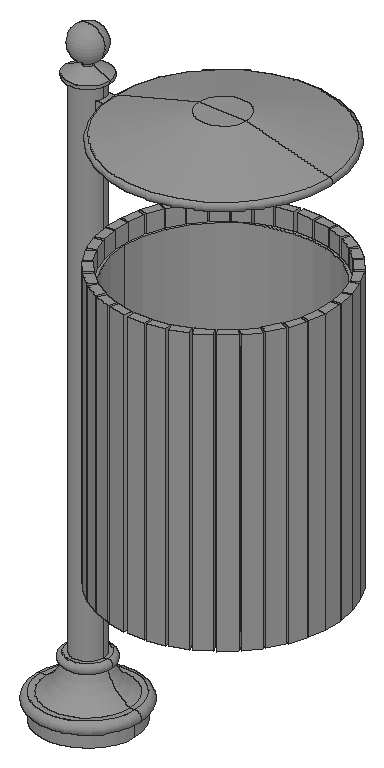
Revit family "12167 Урна комбинированная чугунная на столбике №4 Хоббика", category Антураж, Revit 2018
Family settings
  На основе рабочей плоскости = Нет
  Всегда вертикально = Да
  При загрузке вырезать с полостями = Нет
  Источник визуального образа = Геометрия семейства
  Общий = Нет
  Точка расчета площади = Нет
Parameters (values of type "Урна комбинированная чугунная на столбике №4")
  Ширина = 390 mm  # constant formula
  Цвет отделки = Дерево
  Цвет каркаса = Чугун
  Описание = "Урна комбинированная чугунная на столбике №4"  # constant formula
  Материал изделия = "Чугун, дерево"  # constant formula
  Изображение типоразмера = Урна комбинированная чугунная на столбике №4 Арт 12167.jpg
  Изготовитель = "ООО «Хоббика»"  # constant formula
  Длина = 525 mm  # constant formula
  Группа модели = "Уличные урны"  # constant formula
  Высота = 1100 mm  # constant formula
  Артикул товара = "Арт. 12167"  # constant formula
  URL = "https://hobbyka.ru/product/urna_chugunnaya_na_stolbike_4"
Reference planes
  plane 1 "По центру (Вперед/Назад)": y = 0
  plane 2: z = 0
  plane 3 "По центру (Влево/Вправо)": x = 0
  plane 4: y = 390
  plane 5: x = 525
  plane 6: z = 1100
Forms (mm)
  Revolve 1, solid, material "Чугун" <- "Цвет каркаса"
    sketch origin (13.647, 195, 0) x (1, 0, 0) y (0, 0, 1)
      loop
        line (80, 1100) -> (80, 0) -> (163.679, 0) -> (163.679, 22.886)
        arc (163.679, 22.886) -> (173.679, 32.886) -> (163.679, 42.886) r 10
        line (163.679, 42.886) -> (153.679, 42.886)
        arc (153.679, 42.886) -> (129.558, 63.347) -> (115.54, 91.701) r 78.036
        arc (115.54, 91.701) -> (123.04, 99.201) -> (115.54, 106.701) r 7.5
        line (115.54, 106.701) -> (108.185, 106.701) -> (108.185, 1016.701) -> (118.185, 1016.701) -> (118.185, 1021.701) -> (88.435, 1036.21) -> (88.435, 1041.21)
        arc (88.435, 1041.21) -> (109.696, 1074.261) -> (80, 1100) r 30
      axis (80, 1100) -> (80, 0)
    angle from 0 to 360
  Revolve 2, solid, material "Чугун" <- "Цвет каркаса"
    sketch origin (0, 195, 0) x (1, 0, 0) y (0, 0, 1)
      loop
        line (332.81, 1044.302) -> (332.81, 992.289) -> (519.939, 992.289)
        arc (519.939, 992.289) -> (525, 998.884) -> (519.939, 1005.479) r 6.828
        line (519.939, 1005.479) -> (375.051, 1044.302) -> (332.81, 1044.302)
      axis (332.81, 1044.302) -> (332.81, 992.289)
    angle from 0 to 360
  Extrusion 3, solid, material "Чугун" <- "Цвет каркаса"
    sketch origin (0, 0, 0) x (1, 0, 0) y (0, 1, 0)
      loop
        circle (332.81, 195) r 180
      loop
        circle (332.81, 195) r 175
    from 320 to 770
  Extrusion 4, solid, material "Чугун" <- "Цвет каркаса"
    sketch origin (0, 0, 0) x (1, 0, 0) y (0, 0, 1)
      loop
        line (170, 992.289) -> (96.711, 992.289) -> (96.711, 942.792) -> (120.503, 942.792)
        arc (120.503, 942.792) -> (155.503, 957.289) -> (170, 992.289) r 49.497
      loop
        line (96.711, 767.054) -> (96.711, 727.054) -> (151.711, 727.054) -> (151.711, 767.054) -> (96.711, 767.054)
      loop
        line (97.334, 370.289) -> (97.334, 330.289) -> (147.334, 330.289) -> (147.334, 370.289) -> (97.334, 370.289)
    from -210 to -180
  Extrusion 5, solid, material "Чугун" <- "Цвет каркаса"
    sketch origin (0, 0, 0) x (1, 0, 0) y (0, 1, 0)
      loop
        circle (332.81, 195) r 175
    from 320 to 325
  Extrusion 6, solid, material "Дерево" <- "Цвет отделки"
    sketch origin (-1.38, 2.374, 0) x (0.999975, -0.007119, 0) y (0.007119, 0.999975, 0)
      loop
        line (346.642, 374.468) -> (347.795, 389.423)
        arc (347.795, 389.423) -> (332.81, 390) -> (317.824, 389.423) r 195
        line (317.824, 389.423) -> (318.977, 374.468)
        arc (318.977, 374.468) -> (332.81, 375) -> (346.642, 374.468) r 180
    from 300 to 800
  Extrusion 7, solid, material "Дерево" <- "Цвет отделки"
    sketch origin (140.184, 529.189, 0) x (-0.007119, -0.999975, 0) y (0.999975, -0.007119, 0)
      loop
        line (346.642, 374.468) -> (347.795, 389.423)
        arc (347.795, 389.423) -> (332.81, 390) -> (317.824, 389.423) r 195
        line (317.824, 389.423) -> (318.977, 374.468)
        arc (318.977, 374.468) -> (332.81, 375) -> (346.642, 374.468) r 180
    from 300 to 800
  Extrusion 8, solid, material "Дерево" <- "Цвет отделки"
    sketch origin (-29.752, 63.332, 0) x (0.983547, -0.180655, 0) y (0.180655, 0.983547, 0)
      loop
        line (346.642, 374.468) -> (347.795, 389.423)
        arc (347.795, 389.423) -> (332.81, 390) -> (317.824, 389.423) r 195
        line (317.824, 389.423) -> (318.977, 374.468)
        arc (318.977, 374.468) -> (332.81, 375) -> (346.642, 374.468) r 180
    from 300 to 800
  Extrusion 9, solid, material "Дерево" <- "Цвет отделки"
    sketch origin (-47.108, 128.291, 0) x (0.937234, -0.348701, 0) y (0.348701, 0.937234, 0)
      loop
        line (346.642, 374.468) -> (347.795, 389.423)
        arc (347.795, 389.423) -> (332.81, 390) -> (317.824, 389.423) r 195
        line (317.824, 389.423) -> (318.977, 374.468)
        arc (318.977, 374.468) -> (332.81, 375) -> (346.642, 374.468) r 180
    from 300 to 800
  Extrusion 10, solid, material "Дерево" <- "Цвет отделки"
    sketch origin (-52.92, 195.276, 0) x (0.862444, -0.506153, 0) y (0.506153, 0.862444, 0)
      loop
        line (346.642, 374.468) -> (347.795, 389.423)
        arc (347.795, 389.423) -> (332.81, 390) -> (317.824, 389.423) r 195
        line (317.824, 389.423) -> (318.977, 374.468)
        arc (318.977, 374.468) -> (332.81, 375) -> (346.642, 374.468) r 180
    from 300 to 800
  Extrusion 11, solid, material "Дерево" <- "Цвет отделки"
    sketch origin (-47.012, 262.253, 0) x (0.761449, -0.648225, 0) y (0.648225, 0.761449, 0)
      loop
        line (346.642, 374.468) -> (347.795, 389.423)
        arc (347.795, 389.423) -> (332.81, 390) -> (317.824, 389.423) r 195
        line (317.824, 389.423) -> (318.977, 374.468)
        arc (318.977, 374.468) -> (332.81, 375) -> (346.642, 374.468) r 180
    from 300 to 800
  Extrusion 12, solid, material "Дерево" <- "Цвет отделки"
    sketch origin (-29.563, 327.186, 0) x (0.637318, -0.770601, 0) y (0.770601, 0.637318, 0)
      loop
        line (346.642, 374.468) -> (347.795, 389.423)
        arc (347.795, 389.423) -> (332.81, 390) -> (317.824, 389.423) r 195
        line (317.824, 389.423) -> (318.977, 374.468)
        arc (318.977, 374.468) -> (332.81, 375) -> (346.642, 374.468) r 180
    from 300 to 800
  Extrusion 13, solid, material "Дерево" <- "Цвет отделки"
    sketch origin (-1.104, 388.104, 0) x (0.493822, -0.869563, 0) y (0.869563, 0.493822, 0)
      loop
        line (346.642, 374.468) -> (347.795, 389.423)
        arc (347.795, 389.423) -> (332.81, 390) -> (317.824, 389.423) r 195
        line (317.824, 389.423) -> (318.977, 374.468)
        arc (318.977, 374.468) -> (332.81, 375) -> (346.642, 374.468) r 180
    from 300 to 800
  Extrusion 14, solid, material "Дерево" <- "Цвет отделки"
    sketch origin (37.501, 443.153, 0) x (0.335322, -0.942104, 0) y (0.942104, 0.335322, 0)
      loop
        line (346.642, 374.468) -> (347.795, 389.423)
        arc (347.795, 389.423) -> (332.81, 390) -> (317.824, 389.423) r 195
        line (317.824, 389.423) -> (318.977, 374.468)
        arc (318.977, 374.468) -> (332.81, 375) -> (346.642, 374.468) r 180
    from 300 to 800
  Extrusion 15, solid, material "Дерево" <- "Цвет отделки"
    sketch origin (85.079, 490.663, 0) x (0.166633, -0.986019, 0) y (0.986019, 0.166633, 0)
      loop
        line (346.642, 374.468) -> (347.795, 389.423)
        arc (347.795, 389.423) -> (332.81, 390) -> (317.824, 389.423) r 195
        line (317.824, 389.423) -> (318.977, 374.468)
        arc (318.977, 374.468) -> (332.81, 375) -> (346.642, 374.468) r 180
    from 300 to 800
  Extrusion 16, solid, material "Дерево" <- "Цвет отделки"
    sketch origin (-29.752, 326.668, 0) x (0.983547, 0.180655, 0) y (-0.180655, 0.983547, 0)
      loop
        arc (346.642, -374.468) -> (332.81, -375) -> (318.977, -374.468) r 180
        line (318.977, -374.468) -> (317.824, -389.423)
        arc (317.824, -389.423) -> (332.81, -390) -> (347.795, -389.423) r 195
        line (347.795, -389.423) -> (346.642, -374.468)
    from 300 to 800
  Extrusion 17, solid, material "Дерево" <- "Цвет отделки"
    sketch origin (-47.108, 261.709, 0) x (0.937234, 0.348701, 0) y (-0.348701, 0.937234, 0)
      loop
        arc (346.642, -374.468) -> (332.81, -375) -> (318.977, -374.468) r 180
        line (318.977, -374.468) -> (317.824, -389.423)
        arc (317.824, -389.423) -> (332.81, -390) -> (347.795, -389.423) r 195
        line (347.795, -389.423) -> (346.642, -374.468)
    from 300 to 800
  Extrusion 18, solid, material "Дерево" <- "Цвет отделки"
    sketch origin (-52.92, 194.724, 0) x (0.862444, 0.506153, 0) y (-0.506153, 0.862444, 0)
      loop
        arc (346.642, -374.468) -> (332.81, -375) -> (318.977, -374.468) r 180
        line (318.977, -374.468) -> (317.824, -389.423)
        arc (317.824, -389.423) -> (332.81, -390) -> (347.795, -389.423) r 195
        line (347.795, -389.423) -> (346.642, -374.468)
    from 300 to 800
  Extrusion 19, solid, material "Дерево" <- "Цвет отделки"
    sketch origin (-47.012, 127.747, 0) x (0.761449, 0.648225, 0) y (-0.648225, 0.761449, 0)
      loop
        arc (346.642, -374.468) -> (332.81, -375) -> (318.977, -374.468) r 180
        line (318.977, -374.468) -> (317.824, -389.423)
        arc (317.824, -389.423) -> (332.81, -390) -> (347.795, -389.423) r 195
        line (347.795, -389.423) -> (346.642, -374.468)
    from 300 to 800
  Extrusion 20, solid, material "Дерево" <- "Цвет отделки"
    sketch origin (-29.563, 62.814, 0) x (0.637318, 0.770601, 0) y (-0.770601, 0.637318, 0)
      loop
        arc (346.642, -374.468) -> (332.81, -375) -> (318.977, -374.468) r 180
        line (318.977, -374.468) -> (317.824, -389.423)
        arc (317.824, -389.423) -> (332.81, -390) -> (347.795, -389.423) r 195
        line (347.795, -389.423) -> (346.642, -374.468)
    from 300 to 800
  Extrusion 21, solid, material "Дерево" <- "Цвет отделки"
    sketch origin (-1.104, 1.896, 0) x (0.493822, 0.869563, 0) y (-0.869563, 0.493822, 0)
      loop
        arc (346.642, -374.468) -> (332.81, -375) -> (318.977, -374.468) r 180
        line (318.977, -374.468) -> (317.824, -389.423)
        arc (317.824, -389.423) -> (332.81, -390) -> (347.795, -389.423) r 195
        line (347.795, -389.423) -> (346.642, -374.468)
    from 300 to 800
  Extrusion 22, solid, material "Дерево" <- "Цвет отделки"
    sketch origin (37.501, -53.153, 0) x (0.335322, 0.942104, 0) y (-0.942104, 0.335322, 0)
      loop
        arc (346.642, -374.468) -> (332.81, -375) -> (318.977, -374.468) r 180
        line (318.977, -374.468) -> (317.824, -389.423)
        arc (317.824, -389.423) -> (332.81, -390) -> (347.795, -389.423) r 195
        line (347.795, -389.423) -> (346.642, -374.468)
    from 300 to 800
  Extrusion 23, solid, material "Дерево" <- "Цвет отделки"
    sketch origin (85.079, -100.663, 0) x (0.166633, 0.986019, 0) y (-0.986019, 0.166633, 0)
      loop
        arc (346.642, -374.468) -> (332.81, -375) -> (318.977, -374.468) r 180
        line (318.977, -374.468) -> (317.824, -389.423)
        arc (317.824, -389.423) -> (332.81, -390) -> (347.795, -389.423) r 195
        line (347.795, -389.423) -> (346.642, -374.468)
    from 300 to 800
  Extrusion 24, solid, material "Дерево" <- "Цвет отделки"
    sketch origin (695.371, 326.668, 0) x (-0.983547, 0.180655, 0) y (-0.180655, -0.983547, 0)
      loop
        line (346.642, 374.468) -> (347.795, 389.423)
        arc (347.795, 389.423) -> (332.81, 390) -> (317.824, 389.423) r 195
        line (317.824, 389.423) -> (318.977, 374.468)
        arc (318.977, 374.468) -> (332.81, 375) -> (346.642, 374.468) r 180
    from 300 to 800
  Extrusion 25, solid, material "Дерево" <- "Цвет отделки"
    sketch origin (712.727, 261.709, 0) x (-0.937234, 0.348701, 0) y (-0.348701, -0.937234, 0)
      loop
        line (346.642, 374.468) -> (347.795, 389.423)
        arc (347.795, 389.423) -> (332.81, 390) -> (317.824, 389.423) r 195
        line (317.824, 389.423) -> (318.977, 374.468)
        arc (318.977, 374.468) -> (332.81, 375) -> (346.642, 374.468) r 180
    from 300 to 800
  Extrusion 26, solid, material "Дерево" <- "Цвет отделки"
    sketch origin (718.539, 194.724, 0) x (-0.862444, 0.506153, 0) y (-0.506153, -0.862444, 0)
      loop
        line (346.642, 374.468) -> (347.795, 389.423)
        arc (347.795, 389.423) -> (332.81, 390) -> (317.824, 389.423) r 195
        line (317.824, 389.423) -> (318.977, 374.468)
        arc (318.977, 374.468) -> (332.81, 375) -> (346.642, 374.468) r 180
    from 300 to 800
  Extrusion 27, solid, material "Дерево" <- "Цвет отделки"
    sketch origin (712.631, 127.747, 0) x (-0.761449, 0.648225, 0) y (-0.648225, -0.761449, 0)
      loop
        line (346.642, 374.468) -> (347.795, 389.423)
        arc (347.795, 389.423) -> (332.81, 390) -> (317.824, 389.423) r 195
        line (317.824, 389.423) -> (318.977, 374.468)
        arc (318.977, 374.468) -> (332.81, 375) -> (346.642, 374.468) r 180
    from 300 to 800
  Extrusion 28, solid, material "Дерево" <- "Цвет отделки"
    sketch origin (695.182, 62.814, 0) x (-0.637318, 0.770601, 0) y (-0.770601, -0.637318, 0)
      loop
        line (346.642, 374.468) -> (347.795, 389.423)
        arc (347.795, 389.423) -> (332.81, 390) -> (317.824, 389.423) r 195
        line (317.824, 389.423) -> (318.977, 374.468)
        arc (318.977, 374.468) -> (332.81, 375) -> (346.642, 374.468) r 180
    from 300 to 800
  Extrusion 29, solid, material "Дерево" <- "Цвет отделки"
    sketch origin (666.723, 1.896, 0) x (-0.493822, 0.869563, 0) y (-0.869563, -0.493822, 0)
      loop
        line (346.642, 374.468) -> (347.795, 389.423)
        arc (347.795, 389.423) -> (332.81, 390) -> (317.824, 389.423) r 195
        line (317.824, 389.423) -> (318.977, 374.468)
        arc (318.977, 374.468) -> (332.81, 375) -> (346.642, 374.468) r 180
    from 300 to 800
  Extrusion 30, solid, material "Дерево" <- "Цвет отделки"
    sketch origin (628.118, -53.153, 0) x (-0.335322, 0.942104, 0) y (-0.942104, -0.335322, 0)
      loop
        line (346.642, 374.468) -> (347.795, 389.423)
        arc (347.795, 389.423) -> (332.81, 390) -> (317.824, 389.423) r 195
        line (317.824, 389.423) -> (318.977, 374.468)
        arc (318.977, 374.468) -> (332.81, 375) -> (346.642, 374.468) r 180
    from 300 to 800
  Extrusion 31, solid, material "Дерево" <- "Цвет отделки"
    sketch origin (580.54, -100.663, 0) x (-0.166633, 0.986019, 0) y (-0.986019, -0.166633, 0)
      loop
        line (346.642, 374.468) -> (347.795, 389.423)
        arc (347.795, 389.423) -> (332.81, 390) -> (317.824, 389.423) r 195
        line (317.824, 389.423) -> (318.977, 374.468)
        arc (318.977, 374.468) -> (332.81, 375) -> (346.642, 374.468) r 180
    from 300 to 800
  Extrusion 32, solid, material "Дерево" <- "Цвет отделки"
    sketch origin (695.371, 63.332, 0) x (-0.983547, -0.180655, 0) y (0.180655, -0.983547, 0)
      loop
        arc (346.642, -374.468) -> (332.81, -375) -> (318.977, -374.468) r 180
        line (318.977, -374.468) -> (317.824, -389.423)
        arc (317.824, -389.423) -> (332.81, -390) -> (347.795, -389.423) r 195
        line (347.795, -389.423) -> (346.642, -374.468)
    from 300 to 800
  Extrusion 33, solid, material "Дерево" <- "Цвет отделки"
    sketch origin (712.727, 128.291, 0) x (-0.937234, -0.348701, 0) y (0.348701, -0.937234, 0)
      loop
        arc (346.642, -374.468) -> (332.81, -375) -> (318.977, -374.468) r 180
        line (318.977, -374.468) -> (317.824, -389.423)
        arc (317.824, -389.423) -> (332.81, -390) -> (347.795, -389.423) r 195
        line (347.795, -389.423) -> (346.642, -374.468)
    from 300 to 800
  Extrusion 34, solid, material "Дерево" <- "Цвет отделки"
    sketch origin (718.539, 195.276, 0) x (-0.862444, -0.506153, 0) y (0.506153, -0.862444, 0)
      loop
        arc (346.642, -374.468) -> (332.81, -375) -> (318.977, -374.468) r 180
        line (318.977, -374.468) -> (317.824, -389.423)
        arc (317.824, -389.423) -> (332.81, -390) -> (347.795, -389.423) r 195
        line (347.795, -389.423) -> (346.642, -374.468)
    from 300 to 800
  Extrusion 35, solid, material "Дерево" <- "Цвет отделки"
    sketch origin (712.631, 262.253, 0) x (-0.761449, -0.648225, 0) y (0.648225, -0.761449, 0)
      loop
        arc (346.642, -374.468) -> (332.81, -375) -> (318.977, -374.468) r 180
        line (318.977, -374.468) -> (317.824, -389.423)
        arc (317.824, -389.423) -> (332.81, -390) -> (347.795, -389.423) r 195
        line (347.795, -389.423) -> (346.642, -374.468)
    from 300 to 800
  Extrusion 36, solid, material "Дерево" <- "Цвет отделки"
    sketch origin (695.182, 327.186, 0) x (-0.637318, -0.770601, 0) y (0.770601, -0.637318, 0)
      loop
        arc (346.642, -374.468) -> (332.81, -375) -> (318.977, -374.468) r 180
        line (318.977, -374.468) -> (317.824, -389.423)
        arc (317.824, -389.423) -> (332.81, -390) -> (347.795, -389.423) r 195
        line (347.795, -389.423) -> (346.642, -374.468)
    from 300 to 800
  Extrusion 37, solid, material "Дерево" <- "Цвет отделки"
    sketch origin (666.723, 388.104, 0) x (-0.493822, -0.869563, 0) y (0.869563, -0.493822, 0)
      loop
        arc (346.642, -374.468) -> (332.81, -375) -> (318.977, -374.468) r 180
        line (318.977, -374.468) -> (317.824, -389.423)
        arc (317.824, -389.423) -> (332.81, -390) -> (347.795, -389.423) r 195
        line (347.795, -389.423) -> (346.642, -374.468)
    from 300 to 800
  Extrusion 38, solid, material "Дерево" <- "Цвет отделки"
    sketch origin (628.118, 443.153, 0) x (-0.335322, -0.942104, 0) y (0.942104, -0.335322, 0)
      loop
        arc (346.642, -374.468) -> (332.81, -375) -> (318.977, -374.468) r 180
        line (318.977, -374.468) -> (317.824, -389.423)
        arc (317.824, -389.423) -> (332.81, -390) -> (347.795, -389.423) r 195
        line (347.795, -389.423) -> (346.642, -374.468)
    from 300 to 800
  Extrusion 39, solid, material "Дерево" <- "Цвет отделки"
    sketch origin (580.54, 490.663, 0) x (-0.166633, -0.986019, 0) y (0.986019, -0.166633, 0)
      loop
        arc (346.642, -374.468) -> (332.81, -375) -> (318.977, -374.468) r 180
        line (318.977, -374.468) -> (317.824, -389.423)
        arc (317.824, -389.423) -> (332.81, -390) -> (347.795, -389.423) r 195
        line (347.795, -389.423) -> (346.642, -374.468)
    from 300 to 800
  Extrusion 40, solid, material "Дерево" <- "Цвет отделки"
    sketch origin (-1.38, 387.626, 0) x (0.999975, 0.007119, 0) y (-0.007119, 0.999975, 0)
      loop
        arc (346.642, -374.468) -> (332.81, -375) -> (318.977, -374.468) r 180
        line (318.977, -374.468) -> (317.824, -389.423)
        arc (317.824, -389.423) -> (332.81, -390) -> (347.795, -389.423) r 195
        line (347.795, -389.423) -> (346.642, -374.468)
    from 300 to 800
  Extrusion 41, solid, material "Дерево" <- "Цвет отделки"
    sketch origin (525.435, 529.189, 0) x (0.007119, -0.999975, 0) y (0.999975, 0.007119, 0)
      loop
        arc (346.642, -374.468) -> (332.81, -375) -> (318.977, -374.468) r 180
        line (318.977, -374.468) -> (317.824, -389.423)
        arc (317.824, -389.423) -> (332.81, -390) -> (347.795, -389.423) r 195
        line (347.795, -389.423) -> (346.642, -374.468)
    from 300 to 800
Cuts and joins
  joined: Extrusion 3, Extrusion 5
Dimensions and locks
  "Длина": plane 3 "По центру (Влево/Вправо)" to plane 5
  "Ширина": plane 4 to plane 1 "По центру (Вперед/Назад)"
  "Высота": plane 6 to plane 2
  aligned and locked: level to plane 2
Automatic sketch dimensions
  Revolve 1 sketch curve to plane 6 = 0 mm  (x2)
  Revolve 1 sketch curve to level = 0 mm  (x2)
  plane 3 "По центру (Влево/Вправо)" to Revolve 1 sketch curve = 93.647 mm
  Revolve 1 sketch curve to Revolve 1 sketch curve = 8.435 mm
  Revolve 1 sketch curve to Revolve 1 sketch curve = 28.185 mm
  Revolve 1 sketch curve to Revolve 1 sketch curve = 7.356 mm
  Revolve 1 sketch curve to Revolve 1 sketch curve = 10 mm  (x3)
  Revolve 1 sketch curve to Revolve 1 sketch curve = 38.138 mm
  Revolve 1 sketch curve to Revolve 1 sketch curve = 27.373 mm
  level to Revolve 1 sketch curve = 22.886 mm
  Revolve 1 sketch curve to Revolve 1 sketch curve = 56.315 mm
  Revolve 1 sketch curve to Revolve 1 sketch curve = 7.5 mm
  Revolve 1 sketch curve to plane 6 = 83.299 mm
  Revolve 1 sketch curve to Revolve 1 sketch curve = 5 mm  (x2)
  Revolve 1 sketch curve to Revolve 1 sketch curve = 19.51 mm
  Revolve 1 sketch curve to Revolve 1 sketch curve = 0 mm
  Revolve 2 sketch curve to plane 6 = 55.698 mm
  Revolve 2 sketch curve to plane 5 = 192.19 mm
  Revolve 2 sketch curve to Revolve 2 sketch curve = 42.241 mm
  Revolve 2 sketch curve to plane 5 = 6.828 mm
  Revolve 2 sketch curve to plane 5 = 5.061 mm  (x2)
  Revolve 2 sketch curve to plane 6 = 94.521 mm
  Revolve 2 sketch curve to Revolve 2 sketch curve = 6.595 mm
  Revolve 2 sketch curve to Revolve 2 sketch curve = 0 mm  (x2)
  Revolve 2 sketch curve to Revolve 2 sketch curve = 2.987 mm
  Extrusion 3 sketch curve to Extrusion 3 sketch curve = 0 mm  (x2)
  Extrusion 3 sketch curve to plane 5 = 192.19 mm
  Extrusion 3 sketch curve to plane 1 "По центру (Вперед/Назад)" = 195 mm
  plane 3 "По центру (Влево/Вправо)" to Extrusion 4 sketch curve = 96.711 mm  (x2)
  plane 3 "По центру (Влево/Вправо)" to Extrusion 4 sketch curve = 97.334 mm
  Extrusion 4 sketch curve to Extrusion 4 sketch curve = 23.791 mm
  Extrusion 4 sketch curve to Extrusion 4 sketch curve = 50 mm
  Extrusion 4 sketch curve to Extrusion 4 sketch curve = 55 mm
  Extrusion 4 sketch curve to Extrusion 4 sketch curve = 49.497 mm
  level to Extrusion 4 sketch curve = 330.289 mm
  Extrusion 4 sketch curve to Extrusion 4 sketch curve = 40 mm  (x2)
  Extrusion 4 sketch curve to Extrusion 4 sketch curve = 356.765 mm
  Extrusion 4 sketch curve to plane 6 = 157.208 mm
  Extrusion 5 sketch curve to Extrusion 5 sketch curve = 0 mm  (x2)
  Extrusion 5 sketch curve to plane 5 = 192.19 mm
  Extrusion 5 sketch curve to plane 1 "По центру (Вперед/Назад)" = 195 mm
  plane 3 "По центру (Влево/Вправо)" to Extrusion 5 sketch curve = 157.81 mm
  Extrusion 6 sketch curve to Extrusion 6 sketch curve = 0 mm  (x2)
  Extrusion 6 sketch curve to plane 4 = 0.475 mm
  Extrusion 6 sketch curve to plane 5 = 205.791 mm
  Extrusion 6 sketch curve to Extrusion 6 sketch curve = 1.153 mm  (x2)
  Extrusion 6 sketch curve to Extrusion 6 sketch curve = 13.833 mm
  Extrusion 6 sketch curve to Extrusion 6 sketch curve = 27.665 mm
  Extrusion 6 sketch curve to Extrusion 6 sketch curve = 14.956 mm
  Extrusion 6 sketch curve to Extrusion 6 sketch curve = 179.468 mm
  Extrusion 7 sketch curve to Extrusion 7 sketch curve = 0 mm  (x2)
  plane 5 to Extrusion 7 sketch curve = 2.335 mm
  Extrusion 7 sketch curve to plane 4 = 181.399 mm
  Extrusion 7 sketch curve to Extrusion 7 sketch curve = 1.153 mm  (x2)
  Extrusion 7 sketch curve to Extrusion 7 sketch curve = 13.833 mm
  Extrusion 7 sketch curve to Extrusion 7 sketch curve = 27.665 mm
  Extrusion 7 sketch curve to Extrusion 7 sketch curve = 14.956 mm
  Extrusion 7 sketch curve to Extrusion 7 sketch curve = 179.468 mm
  Extrusion 8 sketch curve to Extrusion 8 sketch curve = 0 mm  (x2)
  Extrusion 8 sketch curve to plane 4 = 1.068 mm
  Extrusion 8 sketch curve to plane 5 = 171.806 mm
  Extrusion 8 sketch curve to Extrusion 8 sketch curve = 1.153 mm  (x2)
  Extrusion 8 sketch curve to Extrusion 8 sketch curve = 13.833 mm
  Extrusion 8 sketch curve to Extrusion 8 sketch curve = 27.665 mm
  Extrusion 8 sketch curve to Extrusion 8 sketch curve = 14.956 mm
  Extrusion 8 sketch curve to Extrusion 8 sketch curve = 179.468 mm
  Extrusion 9 sketch curve to Extrusion 9 sketch curve = 0 mm  (x2)
  Extrusion 9 sketch curve to plane 4 = 7.554 mm
  Extrusion 9 sketch curve to plane 5 = 138.439 mm
  Extrusion 9 sketch curve to Extrusion 9 sketch curve = 1.153 mm  (x2)
  Extrusion 9 sketch curve to Extrusion 9 sketch curve = 13.833 mm
  Extrusion 9 sketch curve to Extrusion 9 sketch curve = 27.665 mm
  Extrusion 9 sketch curve to Extrusion 9 sketch curve = 14.956 mm
  Extrusion 9 sketch curve to Extrusion 9 sketch curve = 179.468 mm
  Extrusion 10 sketch curve to Extrusion 10 sketch curve = 0 mm  (x2)
  Extrusion 10 sketch curve to plane 4 = 19.736 mm
  Extrusion 10 sketch curve to plane 5 = 106.706 mm
  Extrusion 10 sketch curve to Extrusion 10 sketch curve = 1.153 mm  (x2)
  Extrusion 10 sketch curve to Extrusion 10 sketch curve = 13.833 mm
  Extrusion 10 sketch curve to Extrusion 10 sketch curve = 27.665 mm
  Extrusion 10 sketch curve to Extrusion 10 sketch curve = 14.956 mm
  Extrusion 10 sketch curve to Extrusion 10 sketch curve = 179.468 mm
  Extrusion 11 sketch curve to Extrusion 11 sketch curve = 0 mm  (x2)
  Extrusion 11 sketch curve to plane 4 = 37.243 mm
  Extrusion 11 sketch curve to plane 5 = 77.571 mm
  Extrusion 11 sketch curve to Extrusion 11 sketch curve = 1.153 mm  (x2)
  Extrusion 11 sketch curve to Extrusion 11 sketch curve = 13.833 mm
  Extrusion 11 sketch curve to Extrusion 11 sketch curve = 27.665 mm
  Extrusion 11 sketch curve to Extrusion 11 sketch curve = 14.956 mm
  Extrusion 11 sketch curve to Extrusion 11 sketch curve = 179.468 mm
  Extrusion 12 sketch curve to Extrusion 12 sketch curve = 0 mm  (x2)
  Extrusion 12 sketch curve to plane 5 = 51.918 mm
  Extrusion 12 sketch curve to plane 4 = 59.543 mm
  Extrusion 12 sketch curve to Extrusion 12 sketch curve = 1.153 mm  (x2)
  Extrusion 12 sketch curve to Extrusion 12 sketch curve = 13.833 mm
  Extrusion 12 sketch curve to Extrusion 12 sketch curve = 27.665 mm
  Extrusion 12 sketch curve to Extrusion 12 sketch curve = 14.956 mm
  Extrusion 12 sketch curve to Extrusion 12 sketch curve = 179.468 mm
  Extrusion 13 sketch curve to Extrusion 13 sketch curve = 0 mm  (x2)
  Extrusion 13 sketch curve to plane 5 = 30.527 mm
  Extrusion 13 sketch curve to plane 4 = 85.959 mm
  Extrusion 13 sketch curve to Extrusion 13 sketch curve = 1.153 mm  (x2)
  Extrusion 13 sketch curve to Extrusion 13 sketch curve = 13.833 mm
  Extrusion 13 sketch curve to Extrusion 13 sketch curve = 27.665 mm
  Extrusion 13 sketch curve to Extrusion 13 sketch curve = 14.956 mm
  Extrusion 13 sketch curve to Extrusion 13 sketch curve = 179.468 mm
  Extrusion 14 sketch curve to Extrusion 14 sketch curve = 0 mm  (x2)
  Extrusion 14 sketch curve to plane 5 = 14.048 mm
  Extrusion 14 sketch curve to plane 4 = 115.688 mm
  Extrusion 14 sketch curve to Extrusion 14 sketch curve = 1.153 mm  (x2)
  Extrusion 14 sketch curve to Extrusion 14 sketch curve = 13.833 mm
  Extrusion 14 sketch curve to Extrusion 14 sketch curve = 27.665 mm
  Extrusion 14 sketch curve to Extrusion 14 sketch curve = 14.956 mm
  Extrusion 14 sketch curve to Extrusion 14 sketch curve = 179.468 mm
  Extrusion 15 sketch curve to Extrusion 15 sketch curve = 0 mm  (x2)
  Extrusion 15 sketch curve to plane 5 = 2.982 mm
  Extrusion 15 sketch curve to plane 4 = 147.827 mm
  Extrusion 15 sketch curve to Extrusion 15 sketch curve = 1.153 mm  (x2)
  Extrusion 15 sketch curve to Extrusion 15 sketch curve = 13.833 mm
  Extrusion 15 sketch curve to Extrusion 15 sketch curve = 27.665 mm
  Extrusion 15 sketch curve to Extrusion 15 sketch curve = 14.956 mm
  Extrusion 15 sketch curve to Extrusion 15 sketch curve = 179.468 mm
  Extrusion 16 sketch curve to Extrusion 16 sketch curve = 0 mm  (x2)
  Extrusion 16 sketch curve to plane 1 "По центру (Вперед/Назад)" = 1.068 mm
  Extrusion 16 sketch curve to plane 5 = 171.806 mm
  Extrusion 16 sketch curve to Extrusion 16 sketch curve = 1.153 mm  (x2)
  Extrusion 16 sketch curve to Extrusion 16 sketch curve = 13.833 mm
  Extrusion 16 sketch curve to Extrusion 16 sketch curve = 27.665 mm
  Extrusion 16 sketch curve to Extrusion 16 sketch curve = 14.956 mm
  Extrusion 16 sketch curve to Extrusion 16 sketch curve = 179.468 mm
  Extrusion 17 sketch curve to Extrusion 17 sketch curve = 0 mm  (x2)
  Extrusion 17 sketch curve to plane 1 "По центру (Вперед/Назад)" = 7.554 mm
  Extrusion 17 sketch curve to plane 5 = 138.439 mm
  Extrusion 17 sketch curve to Extrusion 17 sketch curve = 1.153 mm  (x2)
  Extrusion 17 sketch curve to Extrusion 17 sketch curve = 13.833 mm
  Extrusion 17 sketch curve to Extrusion 17 sketch curve = 27.665 mm
  Extrusion 17 sketch curve to Extrusion 17 sketch curve = 14.956 mm
  Extrusion 17 sketch curve to Extrusion 17 sketch curve = 179.468 mm
  Extrusion 18 sketch curve to Extrusion 18 sketch curve = 0 mm  (x2)
  Extrusion 18 sketch curve to plane 1 "По центру (Вперед/Назад)" = 19.736 mm
  Extrusion 18 sketch curve to plane 5 = 106.706 mm
  Extrusion 18 sketch curve to Extrusion 18 sketch curve = 1.153 mm  (x2)
  Extrusion 18 sketch curve to Extrusion 18 sketch curve = 13.833 mm
  Extrusion 18 sketch curve to Extrusion 18 sketch curve = 27.665 mm
  Extrusion 18 sketch curve to Extrusion 18 sketch curve = 14.956 mm
  Extrusion 18 sketch curve to Extrusion 18 sketch curve = 179.468 mm
  Extrusion 19 sketch curve to Extrusion 19 sketch curve = 0 mm  (x2)
  Extrusion 19 sketch curve to plane 1 "По центру (Вперед/Назад)" = 37.243 mm
  Extrusion 19 sketch curve to plane 5 = 77.571 mm
  Extrusion 19 sketch curve to Extrusion 19 sketch curve = 1.153 mm  (x2)
  Extrusion 19 sketch curve to Extrusion 19 sketch curve = 13.833 mm
  Extrusion 19 sketch curve to Extrusion 19 sketch curve = 27.665 mm
  Extrusion 19 sketch curve to Extrusion 19 sketch curve = 14.956 mm
  Extrusion 19 sketch curve to Extrusion 19 sketch curve = 179.468 mm
  Extrusion 20 sketch curve to Extrusion 20 sketch curve = 0 mm  (x2)
  Extrusion 20 sketch curve to plane 5 = 51.918 mm
  Extrusion 20 sketch curve to plane 1 "По центру (Вперед/Назад)" = 59.543 mm
  Extrusion 20 sketch curve to Extrusion 20 sketch curve = 1.153 mm  (x2)
  Extrusion 20 sketch curve to Extrusion 20 sketch curve = 13.833 mm
  Extrusion 20 sketch curve to Extrusion 20 sketch curve = 27.665 mm
  Extrusion 20 sketch curve to Extrusion 20 sketch curve = 14.956 mm
  Extrusion 20 sketch curve to Extrusion 20 sketch curve = 179.468 mm
  Extrusion 21 sketch curve to Extrusion 21 sketch curve = 0 mm  (x2)
  Extrusion 21 sketch curve to plane 5 = 30.527 mm
  Extrusion 21 sketch curve to plane 1 "По центру (Вперед/Назад)" = 85.959 mm
  Extrusion 21 sketch curve to Extrusion 21 sketch curve = 1.153 mm  (x2)
  Extrusion 21 sketch curve to Extrusion 21 sketch curve = 13.833 mm
  Extrusion 21 sketch curve to Extrusion 21 sketch curve = 27.665 mm
  Extrusion 21 sketch curve to Extrusion 21 sketch curve = 14.956 mm
  Extrusion 21 sketch curve to Extrusion 21 sketch curve = 179.468 mm
  Extrusion 22 sketch curve to Extrusion 22 sketch curve = 0 mm  (x2)
  Extrusion 22 sketch curve to plane 5 = 14.048 mm
  Extrusion 22 sketch curve to plane 1 "По центру (Вперед/Назад)" = 115.688 mm
  Extrusion 22 sketch curve to Extrusion 22 sketch curve = 1.153 mm  (x2)
  Extrusion 22 sketch curve to Extrusion 22 sketch curve = 13.833 mm
  Extrusion 22 sketch curve to Extrusion 22 sketch curve = 27.665 mm
  Extrusion 22 sketch curve to Extrusion 22 sketch curve = 14.956 mm
  Extrusion 22 sketch curve to Extrusion 22 sketch curve = 179.468 mm
  Extrusion 23 sketch curve to Extrusion 23 sketch curve = 0 mm  (x2)
  Extrusion 23 sketch curve to plane 5 = 2.982 mm
  Extrusion 23 sketch curve to plane 1 "По центру (Вперед/Назад)" = 147.827 mm
  Extrusion 23 sketch curve to Extrusion 23 sketch curve = 1.153 mm  (x2)
  Extrusion 23 sketch curve to Extrusion 23 sketch curve = 13.833 mm
  Extrusion 23 sketch curve to Extrusion 23 sketch curve = 27.665 mm
  Extrusion 23 sketch curve to Extrusion 23 sketch curve = 14.956 mm
  Extrusion 23 sketch curve to Extrusion 23 sketch curve = 179.468 mm
  Extrusion 24 sketch curve to Extrusion 24 sketch curve = 0 mm  (x2)
  Extrusion 24 sketch curve to plane 1 "По центру (Вперед/Назад)" = 1.068 mm
  Extrusion 24 sketch curve to plane 5 = 212.575 mm
  Extrusion 24 sketch curve to Extrusion 24 sketch curve = 1.153 mm  (x2)
  Extrusion 24 sketch curve to Extrusion 24 sketch curve = 13.833 mm
  Extrusion 24 sketch curve to Extrusion 24 sketch curve = 27.665 mm
  Extrusion 24 sketch curve to Extrusion 24 sketch curve = 14.956 mm
  Extrusion 24 sketch curve to Extrusion 24 sketch curve = 179.468 mm
  Extrusion 25 sketch curve to Extrusion 25 sketch curve = 0 mm  (x2)
  Extrusion 25 sketch curve to plane 1 "По центру (Вперед/Назад)" = 7.554 mm
  Extrusion 25 sketch curve to plane 5 = 245.942 mm
  Extrusion 25 sketch curve to Extrusion 25 sketch curve = 1.153 mm  (x2)
  Extrusion 25 sketch curve to Extrusion 25 sketch curve = 13.833 mm
  Extrusion 25 sketch curve to Extrusion 25 sketch curve = 27.665 mm
  Extrusion 25 sketch curve to Extrusion 25 sketch curve = 14.956 mm
  Extrusion 25 sketch curve to Extrusion 25 sketch curve = 179.468 mm
  Extrusion 26 sketch curve to Extrusion 26 sketch curve = 0 mm  (x2)
  Extrusion 26 sketch curve to plane 1 "По центру (Вперед/Назад)" = 19.736 mm
  plane 3 "По центру (Влево/Вправо)" to Extrusion 26 sketch curve = 247.326 mm
  Extrusion 26 sketch curve to Extrusion 26 sketch curve = 1.153 mm  (x2)
  Extrusion 26 sketch curve to Extrusion 26 sketch curve = 13.833 mm
  Extrusion 26 sketch curve to Extrusion 26 sketch curve = 27.665 mm
  Extrusion 26 sketch curve to Extrusion 26 sketch curve = 14.956 mm
  Extrusion 26 sketch curve to Extrusion 26 sketch curve = 179.468 mm
  Extrusion 27 sketch curve to Extrusion 27 sketch curve = 0 mm  (x2)
  Extrusion 27 sketch curve to plane 1 "По центру (Вперед/Назад)" = 37.243 mm
  plane 3 "По центру (Влево/Вправо)" to Extrusion 27 sketch curve = 218.19 mm
  Extrusion 27 sketch curve to Extrusion 27 sketch curve = 1.153 mm  (x2)
  Extrusion 27 sketch curve to Extrusion 27 sketch curve = 13.833 mm
  Extrusion 27 sketch curve to Extrusion 27 sketch curve = 27.665 mm
  Extrusion 27 sketch curve to Extrusion 27 sketch curve = 14.956 mm
  Extrusion 27 sketch curve to Extrusion 27 sketch curve = 179.468 mm
  Extrusion 28 sketch curve to Extrusion 28 sketch curve = 0 mm  (x2)
  Extrusion 28 sketch curve to plane 1 "По центру (Вперед/Назад)" = 59.543 mm
  plane 3 "По центру (Влево/Вправо)" to Extrusion 28 sketch curve = 192.537 mm
  Extrusion 28 sketch curve to Extrusion 28 sketch curve = 1.153 mm  (x2)
  Extrusion 28 sketch curve to Extrusion 28 sketch curve = 13.833 mm
  Extrusion 28 sketch curve to Extrusion 28 sketch curve = 27.665 mm
  Extrusion 28 sketch curve to Extrusion 28 sketch curve = 14.956 mm
  Extrusion 28 sketch curve to Extrusion 28 sketch curve = 179.468 mm
  Extrusion 29 sketch curve to Extrusion 29 sketch curve = 0 mm  (x2)
  Extrusion 29 sketch curve to plane 1 "По центру (Вперед/Назад)" = 85.959 mm
  plane 3 "По центру (Влево/Вправо)" to Extrusion 29 sketch curve = 171.146 mm
  Extrusion 29 sketch curve to Extrusion 29 sketch curve = 1.153 mm  (x2)
  Extrusion 29 sketch curve to Extrusion 29 sketch curve = 13.833 mm
  Extrusion 29 sketch curve to Extrusion 29 sketch curve = 27.665 mm
  Extrusion 29 sketch curve to Extrusion 29 sketch curve = 14.956 mm
  Extrusion 29 sketch curve to Extrusion 29 sketch curve = 179.468 mm
  Extrusion 30 sketch curve to Extrusion 30 sketch curve = 0 mm  (x2)
  Extrusion 30 sketch curve to plane 1 "По центру (Вперед/Назад)" = 115.688 mm
  plane 3 "По центру (Влево/Вправо)" to Extrusion 30 sketch curve = 154.667 mm
  Extrusion 30 sketch curve to Extrusion 30 sketch curve = 1.153 mm  (x2)
  Extrusion 30 sketch curve to Extrusion 30 sketch curve = 13.833 mm
  Extrusion 30 sketch curve to Extrusion 30 sketch curve = 27.665 mm
  Extrusion 30 sketch curve to Extrusion 30 sketch curve = 14.956 mm
  Extrusion 30 sketch curve to Extrusion 30 sketch curve = 179.468 mm
  Extrusion 31 sketch curve to Extrusion 31 sketch curve = 0 mm  (x2)
  Extrusion 31 sketch curve to plane 1 "По центру (Вперед/Назад)" = 147.827 mm
  plane 3 "По центру (Влево/Вправо)" to Extrusion 31 sketch curve = 143.601 mm
  Extrusion 31 sketch curve to Extrusion 31 sketch curve = 1.153 mm  (x2)
  Extrusion 31 sketch curve to Extrusion 31 sketch curve = 13.833 mm
  Extrusion 31 sketch curve to Extrusion 31 sketch curve = 27.665 mm
  Extrusion 31 sketch curve to Extrusion 31 sketch curve = 14.956 mm
  Extrusion 31 sketch curve to Extrusion 31 sketch curve = 179.468 mm
  Extrusion 32 sketch curve to Extrusion 32 sketch curve = 0 mm  (x2)
  Extrusion 32 sketch curve to plane 4 = 1.068 mm
  Extrusion 32 sketch curve to plane 5 = 212.575 mm
  Extrusion 32 sketch curve to Extrusion 32 sketch curve = 1.153 mm  (x2)
  Extrusion 32 sketch curve to Extrusion 32 sketch curve = 13.833 mm
  Extrusion 32 sketch curve to Extrusion 32 sketch curve = 27.665 mm
  Extrusion 32 sketch curve to Extrusion 32 sketch curve = 14.956 mm
  Extrusion 32 sketch curve to Extrusion 32 sketch curve = 179.468 mm
  Extrusion 33 sketch curve to Extrusion 33 sketch curve = 0 mm  (x2)
  Extrusion 33 sketch curve to plane 4 = 7.554 mm
  Extrusion 33 sketch curve to plane 5 = 245.942 mm
  Extrusion 33 sketch curve to Extrusion 33 sketch curve = 1.153 mm  (x2)
  Extrusion 33 sketch curve to Extrusion 33 sketch curve = 13.833 mm
  Extrusion 33 sketch curve to Extrusion 33 sketch curve = 27.665 mm
  Extrusion 33 sketch curve to Extrusion 33 sketch curve = 14.956 mm
  Extrusion 33 sketch curve to Extrusion 33 sketch curve = 179.468 mm
  Extrusion 34 sketch curve to Extrusion 34 sketch curve = 0 mm  (x2)
  Extrusion 34 sketch curve to plane 4 = 19.736 mm
  plane 3 "По центру (Влево/Вправо)" to Extrusion 34 sketch curve = 247.326 mm
  Extrusion 34 sketch curve to Extrusion 34 sketch curve = 1.153 mm  (x2)
  Extrusion 34 sketch curve to Extrusion 34 sketch curve = 13.833 mm
  Extrusion 34 sketch curve to Extrusion 34 sketch curve = 27.665 mm
  Extrusion 34 sketch curve to Extrusion 34 sketch curve = 14.956 mm
  Extrusion 34 sketch curve to Extrusion 34 sketch curve = 179.468 mm
  Extrusion 35 sketch curve to Extrusion 35 sketch curve = 0 mm  (x2)
  Extrusion 35 sketch curve to plane 4 = 37.243 mm
  plane 3 "По центру (Влево/Вправо)" to Extrusion 35 sketch curve = 218.19 mm
  Extrusion 35 sketch curve to Extrusion 35 sketch curve = 1.153 mm  (x2)
  Extrusion 35 sketch curve to Extrusion 35 sketch curve = 13.833 mm
  Extrusion 35 sketch curve to Extrusion 35 sketch curve = 27.665 mm
  Extrusion 35 sketch curve to Extrusion 35 sketch curve = 14.956 mm
  Extrusion 35 sketch curve to Extrusion 35 sketch curve = 179.468 mm
  Extrusion 36 sketch curve to Extrusion 36 sketch curve = 0 mm  (x2)
  Extrusion 36 sketch curve to plane 4 = 59.543 mm
  plane 3 "По центру (Влево/Вправо)" to Extrusion 36 sketch curve = 192.537 mm
  Extrusion 36 sketch curve to Extrusion 36 sketch curve = 1.153 mm  (x2)
  Extrusion 36 sketch curve to Extrusion 36 sketch curve = 13.833 mm
  Extrusion 36 sketch curve to Extrusion 36 sketch curve = 27.665 mm
  Extrusion 36 sketch curve to Extrusion 36 sketch curve = 14.956 mm
  Extrusion 36 sketch curve to Extrusion 36 sketch curve = 179.468 mm
  Extrusion 37 sketch curve to Extrusion 37 sketch curve = 0 mm  (x2)
  Extrusion 37 sketch curve to plane 4 = 85.959 mm
  plane 3 "По центру (Влево/Вправо)" to Extrusion 37 sketch curve = 171.146 mm
  Extrusion 37 sketch curve to Extrusion 37 sketch curve = 1.153 mm  (x2)
  Extrusion 37 sketch curve to Extrusion 37 sketch curve = 13.833 mm
  Extrusion 37 sketch curve to Extrusion 37 sketch curve = 27.665 mm
  Extrusion 37 sketch curve to Extrusion 37 sketch curve = 14.956 mm
  Extrusion 37 sketch curve to Extrusion 37 sketch curve = 179.468 mm
  Extrusion 38 sketch curve to Extrusion 38 sketch curve = 0 mm  (x2)
  Extrusion 38 sketch curve to plane 4 = 115.688 mm
  plane 3 "По центру (Влево/Вправо)" to Extrusion 38 sketch curve = 154.667 mm
  Extrusion 38 sketch curve to Extrusion 38 sketch curve = 1.153 mm  (x2)
  Extrusion 38 sketch curve to Extrusion 38 sketch curve = 13.833 mm
  Extrusion 38 sketch curve to Extrusion 38 sketch curve = 27.665 mm
  Extrusion 38 sketch curve to Extrusion 38 sketch curve = 14.956 mm
  Extrusion 38 sketch curve to Extrusion 38 sketch curve = 179.468 mm
  Extrusion 39 sketch curve to Extrusion 39 sketch curve = 0 mm  (x2)
  Extrusion 39 sketch curve to plane 4 = 147.827 mm
  plane 3 "По центру (Влево/Вправо)" to Extrusion 39 sketch curve = 143.601 mm
  Extrusion 39 sketch curve to Extrusion 39 sketch curve = 1.153 mm  (x2)
  Extrusion 39 sketch curve to Extrusion 39 sketch curve = 13.833 mm
  Extrusion 39 sketch curve to Extrusion 39 sketch curve = 27.665 mm
  Extrusion 39 sketch curve to Extrusion 39 sketch curve = 14.956 mm
  Extrusion 39 sketch curve to Extrusion 39 sketch curve = 179.468 mm
  Extrusion 40 sketch curve to Extrusion 40 sketch curve = 0 mm  (x2)
  Extrusion 40 sketch curve to plane 1 "По центру (Вперед/Назад)" = 0.475 mm
  Extrusion 40 sketch curve to plane 5 = 205.791 mm
  Extrusion 40 sketch curve to Extrusion 40 sketch curve = 1.153 mm  (x2)
  Extrusion 40 sketch curve to Extrusion 40 sketch curve = 13.833 mm
  Extrusion 40 sketch curve to Extrusion 40 sketch curve = 27.665 mm
  Extrusion 40 sketch curve to Extrusion 40 sketch curve = 14.956 mm
  Extrusion 40 sketch curve to Extrusion 40 sketch curve = 179.468 mm
  Extrusion 41 sketch curve to Extrusion 41 sketch curve = 0 mm  (x2)
  Extrusion 41 sketch curve to plane 4 = 181.399 mm
  plane 3 "По центру (Влево/Вправо)" to Extrusion 41 sketch curve = 138.284 mm
  Extrusion 41 sketch curve to Extrusion 41 sketch curve = 1.153 mm  (x2)
  Extrusion 41 sketch curve to Extrusion 41 sketch curve = 13.833 mm
  Extrusion 41 sketch curve to Extrusion 41 sketch curve = 27.665 mm
  Extrusion 41 sketch curve to Extrusion 41 sketch curve = 14.956 mm
  Extrusion 41 sketch curve to Extrusion 41 sketch curve = 179.468 mm
  radius of Extrusion 3 sketch curve = 180 mm
  radius of Extrusion 3 sketch curve = 175 mm
